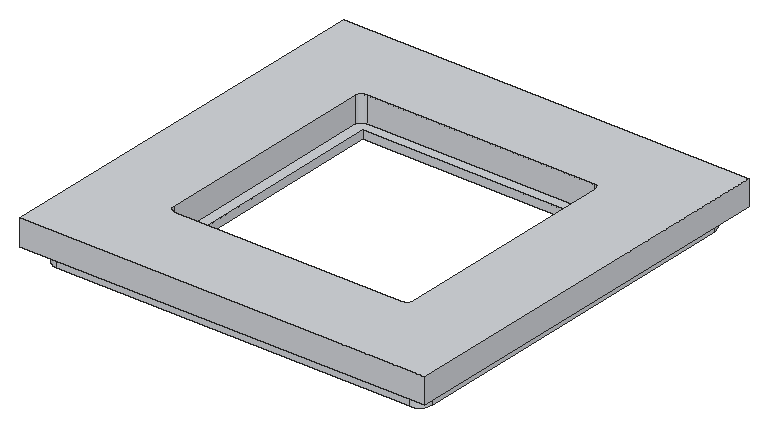
Revit family "Gira_0211226", category Electrical Fixtures, host Face, Revit 2017
Family settings
  Host = Face
  Maintain Annotation Orientation = No
  Round Connector Dimension = Use Diameter
  Part Type = Normal
  Cut with Voids When Loaded = No
  Shared = No
  Room Calculation Point = No
Parameters (values of type "Abdeckrahmen 1f Gira Esprit Lin.Mpx.Anthrazit")
  Werkstoffgüte = "sonstige"
  Werkstoff = "sonstige"
  URL = "http://katalog.gira.de/de_DE/datenblatt.html?artikelnr=0211226"
  Transparent = "No"
  Textfeld/Beschriftungsfläche = "No"
  Schutzart (IP) = "IP20"
  Region = "DE"
  Oberfläche = "sonstige"
  Name = "Abdeckrahmen 1f Gira Esprit Lin.Mpx.Anthrazit"
  Montagerichtung = "horizontal und vertikal"
  Mit Montagerahmen = "No"
  Mit Klappdeckel = "No"
  Manufacturer URL = "https://www.gira.de/"
  Keynote = "Espr._Rahmen_1fach"
  HeinzeBIM = "https://bimportal.heinze.de/bim/abdeckrahmen-1f-gira-esprit-lin-mpx-anthrazit/48cd82e523ab774ed6f64cb4ae90f2a1696adcaf"
  Halogenfrei = "No"
  HAN = "0211226"
  Geeignet für Unterputz-Installation = "Yes"
  Geeignet für Unterflurkanaldose = "No"
  Geeignet für Geräteeinbaukanal = "No"
  Geeignet für Einbauinstallation = "No"
  GTIN = "4010337015871"
  Farbe = "sonstige"
  Default Elevation = 1219.2 mm
  Data sheet (1) = "https://katalog.gira.de/de_DE/download.html?artikelnr=0211226"
  Category = "Abdeckrahmen"
  Befestigungsart = "Klemmbefestigung"
  Available = "Yes"
  Anzahl der Einheiten vertikal = "1 "
  Anzahl der Einheiten horizontal = "1 "
  Anzahl der Einheiten = "1 "
Reference planes
  plane 1 "Center (Front/Back)": y = 0
  plane 2: z = 0
  plane 3 "Center (Left/Right)": x = 0
Forms (mm)
  Extrusion 1, solid, detail levels fine
    sketch origin (0, 0, 0) x (1, 0, 0) y (0, 1, 0)
      loop
        line (-47.5, 47.5) -> (-47.5, -47.5) -> (47.5, -47.5) -> (47.5, 47.5) -> (-47.5, 47.5)
      loop
        arc (-28.2, -26.7) -> (-27.761, -27.761) -> (-26.7, -28.2) r 1.5
        line (-26.7, -28.2) -> (26.7, -28.2)
        arc (26.7, -28.2) -> (27.761, -27.761) -> (28.2, -26.7) r 1.5
        line (28.2, -26.7) -> (28.2, 26.7)
        arc (28.2, 26.7) -> (27.761, 27.761) -> (26.7, 28.2) r 1.5
        line (26.7, 28.2) -> (-26.7, 28.2)
        arc (-26.7, 28.2) -> (-27.761, 27.761) -> (-28.2, 26.7) r 1.5
        line (-28.2, 26.7) -> (-28.2, -26.7)
    from 0 to 6
  Extrusion 2, solid, detail levels fine
    sketch origin (0, 0, 0) x (1, 0, 0) y (0, 1, 0)
      loop
        line (-25.7, -25.7) -> (25.7, -25.7) -> (25.7, 25.7) -> (-25.7, 25.7) -> (-25.7, -25.7)
      loop
        arc (-43.1, -41.3) -> (-42.573, -42.573) -> (-41.3, -43.1) r 1.8
        line (-41.3, -43.1) -> (41.3, -43.1)
        arc (41.3, -43.1) -> (42.573, -42.573) -> (43.1, -41.3) r 1.8
        line (43.1, -41.3) -> (43.1, 41.3)
        arc (43.1, 41.3) -> (42.573, 42.573) -> (41.3, 43.1) r 1.8
        line (41.3, 43.1) -> (-41.3, 43.1)
        arc (-41.3, 43.1) -> (-42.573, 42.573) -> (-43.1, 41.3) r 1.8
        line (-43.1, 41.3) -> (-43.1, -41.3)
    from -1.9 to 0
  Extrusion 3, solid, detail levels fine
    sketch origin (0, 0, 0) x (1, 0, 0) y (0, 1, 0)
      loop
        arc (-41.4, 44.4) -> (-43.521, 43.521) -> (-44.4, 41.4) r 3
        line (-44.4, 41.4) -> (-44.4, -41.4)
        arc (-44.4, -41.4) -> (-43.521, -43.521) -> (-41.4, -44.4) r 3
        line (-41.4, -44.4) -> (41.4, -44.4)
        arc (41.4, -44.4) -> (43.521, -43.521) -> (44.4, -41.4) r 3
        line (44.4, -41.4) -> (44.4, 41.4)
        arc (44.4, 41.4) -> (43.521, 43.521) -> (41.4, 44.4) r 3
        line (41.4, 44.4) -> (-41.4, 44.4)
      loop
        line (-43.1, 41.3) -> (-43.1, -41.3)
        arc (-43.1, -41.3) -> (-42.573, -42.573) -> (-41.3, -43.1) r 1.8
        line (-41.3, -43.1) -> (41.3, -43.1)
        arc (41.3, -43.1) -> (42.573, -42.573) -> (43.1, -41.3) r 1.8
        line (43.1, -41.3) -> (43.1, 41.3)
        arc (43.1, 41.3) -> (42.573, 42.573) -> (41.3, 43.1) r 1.8
        line (41.3, 43.1) -> (-41.3, 43.1)
        arc (-41.3, 43.1) -> (-42.573, 42.573) -> (-43.1, 41.3) r 1.8
    from -3.7 to 0
  Extrusion 4, solid, detail levels medium
    sketch origin (0, 0, 0) x (1, 0, 0) y (0, 1, 0)
      loop
        line (-47.5, 47.5) -> (-47.5, -47.5) -> (47.5, -47.5) -> (47.5, 47.5) -> (-47.5, 47.5)
    from 0 to 6
  Extrusion 5, solid, detail levels medium
    sketch origin (0, 0, 0) x (1, 0, 0) y (0, 1, 0)
      loop
        line (-44.4, 44.4) -> (-44.4, -44.4) -> (44.4, -44.4) -> (44.4, 44.4) -> (-44.4, 44.4)
    from -3.7 to 0
  Extrusion 6, solid, detail levels coarse
    sketch origin (0, 0, 0) x (1, 0, 0) y (0, 1, 0)
      loop
        line (-47.5, 47.5) -> (-47.5, -47.5) -> (47.5, -47.5) -> (47.5, 47.5) -> (-47.5, 47.5)
    from -3.7 to 6
Dimensions and locks
  aligned and locked: plane 2 to host face
  aligned and locked: level to host face
